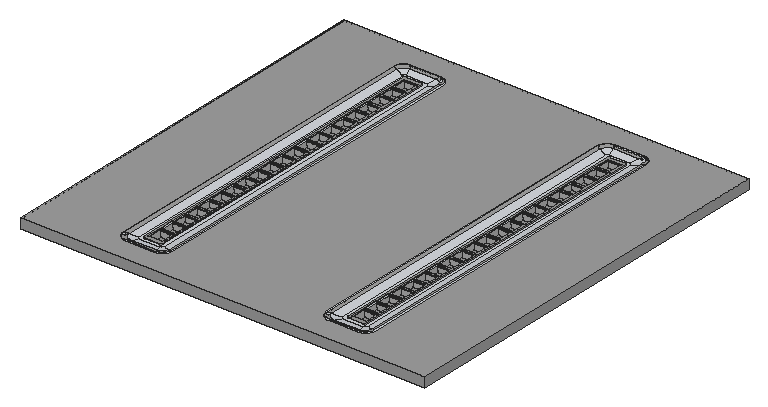
Revit family "0044000 Sylvania Lighting Fixture OptiClip 600 4000K C8 WH CC WHITE", category Lighting Fixtures, host Face, Revit 2016 (continued)
Automatic sketch dimensions
  Blend 25 sketch curve to plane 64 = 4.7 mm
  Extrusion 26 sketch curve to plane 75 = 0 mm
  Extrusion 26 sketch curve to plane 77 = 0 mm
  Extrusion 26 sketch curve to plane 76 = 0 mm
  Extrusion 26 sketch curve to plane 74 = 0 mm
  Extrusion 27 sketch curve to plane 77 = 0 mm
  Extrusion 27 sketch curve to plane 76 = 0 mm
  plane 33 to Extrusion 27 sketch curve = 4.7 mm
  Extrusion 27 sketch curve to plane 32 = 4.7 mm
  Extrusion 28 sketch curve to plane 77 = 0 mm
  Extrusion 28 sketch curve to plane 76 = 0 mm
  plane 35 to Extrusion 28 sketch curve = 4.655 mm
  Extrusion 28 sketch curve to plane 34 = 4.7 mm
  Extrusion 29 sketch curve to plane 77 = 0 mm
  Extrusion 29 sketch curve to plane 76 = 0 mm
  plane 37 to Extrusion 29 sketch curve = 4.745 mm
  Extrusion 29 sketch curve to plane 36 = 4.7 mm
  Extrusion 30 sketch curve to plane 77 = 0 mm
  Extrusion 30 sketch curve to plane 76 = 0 mm
  plane 39 to Extrusion 30 sketch curve = 4.7 mm
  Extrusion 30 sketch curve to plane 38 = 4.7 mm
  Extrusion 31 sketch curve to plane 77 = 0 mm
  Extrusion 31 sketch curve to plane 76 = 0 mm
  plane 41 to Extrusion 31 sketch curve = 4.7 mm
  Extrusion 31 sketch curve to plane 40 = 4.7 mm
  Extrusion 32 sketch curve to plane 77 = 0 mm
  Extrusion 32 sketch curve to plane 76 = 0 mm
  plane 43 to Extrusion 32 sketch curve = 4.7 mm
  Extrusion 32 sketch curve to plane 42 = 4.7 mm
  Extrusion 33 sketch curve to plane 77 = 0 mm
  Extrusion 33 sketch curve to plane 76 = 0 mm
  plane 45 to Extrusion 33 sketch curve = 4.674 mm
  Extrusion 33 sketch curve to plane 44 = 4.7 mm
  Extrusion 34 sketch curve to plane 77 = 0 mm
  Extrusion 34 sketch curve to plane 76 = 0 mm
  plane 47 to Extrusion 34 sketch curve = 4.726 mm
  Extrusion 34 sketch curve to plane 46 = 4.7 mm
  Extrusion 35 sketch curve to plane 77 = 0 mm
  Extrusion 35 sketch curve to plane 76 = 0 mm
  plane 49 to Extrusion 35 sketch curve = 4.7 mm
  Extrusion 35 sketch curve to plane 48 = 4.7 mm
  Extrusion 36 sketch curve to plane 77 = 0 mm
  Extrusion 36 sketch curve to plane 76 = 0 mm
  plane 51 to Extrusion 36 sketch curve = 4.7 mm
  Extrusion 36 sketch curve to plane 50 = 4.7 mm
  Extrusion 37 sketch curve to plane 77 = 0 mm
  Extrusion 37 sketch curve to plane 76 = 0 mm
  plane 53 to Extrusion 37 sketch curve = 4.7 mm
  Extrusion 37 sketch curve to plane 52 = 4.7 mm
  Extrusion 38 sketch curve to plane 77 = 0 mm
  Extrusion 38 sketch curve to plane 76 = 0 mm
  plane 55 to Extrusion 38 sketch curve = 4.7 mm
  Extrusion 38 sketch curve to plane 54 = 4.7 mm
  Extrusion 39 sketch curve to plane 77 = 0 mm
  Extrusion 39 sketch curve to plane 76 = 0 mm
  plane 57 to Extrusion 39 sketch curve = 4.655 mm
  Extrusion 39 sketch curve to plane 56 = 4.7 mm
  Extrusion 40 sketch curve to plane 77 = 0 mm
  Extrusion 40 sketch curve to plane 76 = 0 mm
  plane 59 to Extrusion 40 sketch curve = 4.745 mm
  Extrusion 40 sketch curve to plane 58 = 4.7 mm
  Extrusion 41 sketch curve to plane 77 = 0 mm
  Extrusion 41 sketch curve to plane 76 = 0 mm
  plane 61 to Extrusion 41 sketch curve = 4.7 mm
  Extrusion 41 sketch curve to plane 60 = 4.7 mm
  Extrusion 42 sketch curve to plane 77 = 0 mm
  Extrusion 42 sketch curve to plane 76 = 0 mm
  plane 63 to Extrusion 42 sketch curve = 4.7 mm
  Extrusion 42 sketch curve to plane 62 = 4.7 mm
  Extrusion 43 sketch curve to plane 77 = 0 mm
  Extrusion 43 sketch curve to plane 76 = 0 mm
  plane 65 to Extrusion 43 sketch curve = 4.7 mm
  Extrusion 43 sketch curve to plane 64 = 4.7 mm
  Extrusion 44 sketch curve to plane 77 = 0 mm
  Extrusion 44 sketch curve to plane 76 = 0 mm
  plane 67 to Extrusion 44 sketch curve = 4.7 mm
  Extrusion 44 sketch curve to plane 66 = 4.7 mm
  Extrusion 45 sketch curve to plane 77 = 0 mm
  Extrusion 45 sketch curve to plane 76 = 0 mm
  plane 69 to Extrusion 45 sketch curve = 4.7 mm
  Extrusion 45 sketch curve to plane 68 = 4.7 mm
  Extrusion 46 sketch curve to plane 77 = 0 mm
  Extrusion 46 sketch curve to plane 76 = 0 mm
  plane 71 to Extrusion 46 sketch curve = 4.7 mm
  Extrusion 46 sketch curve to plane 70 = 4.7 mm
  plane 25 to Blend 47 sketch curve = 2.5 mm  (x2)
  plane 3 "Center (Left/Right)" to Blend 47 sketch curve = 114 mm
  Blend 47 sketch curve to plane 24 = 1 mm
  Blend 47 sketch curve to Blend 47 sketch curve = 15 mm  (x2)
  Blend 47 sketch curve to Blend 47 sketch curve = 42 mm  (x2)
  plane 20 to Blend 47 sketch curve = 0 mm
  plane 80 to Blend 47 sketch curve = 2 mm  (x2)
  plane 3 "Center (Left/Right)" to Blend 47 sketch curve = 130.5 mm
  plane 25 to Blend 47 sketch curve = 1 mm
  Blend 47 sketch curve to plane 81 = 2.155 mm
  Blend 47 sketch curve to Blend 47 sketch curve = 4 mm
  Blend 47 sketch curve to Blend 47 sketch curve = 30.692 mm
  Blend 47 sketch curve to Blend 47 sketch curve = 0.297 mm
  Blend 47 sketch curve to plane 81 = 2.222 mm
  Blend 47 sketch curve to Blend 47 sketch curve = 3.933 mm
  plane 24 to Blend 48 sketch curve = 0 mm
  plane 22 to Blend 48 sketch curve = 0 mm
  Blend 48 sketch curve to plane 20 = 1.5 mm  (x2)
  plane 25 to Blend 48 sketch curve = 2.5 mm  (x2)
  Blend 48 sketch curve to plane 10 = 110 mm
  Blend 48 sketch curve to Blend 48 sketch curve = 42 mm
  plane 26 to Blend 48 sketch curve = 0 mm
  plane 25 to Blend 48 sketch curve = 0 mm
  Blend 48 sketch curve to plane 81 = 2.155 mm  (x2)
  Blend 48 sketch curve to plane 81 = 2.066 mm
  plane 80 to Blend 48 sketch curve = 2 mm  (x2)
  Blend 48 sketch curve to plane 10 = 126.5 mm
  Blend 48 sketch curve to Blend 48 sketch curve = 3.014 mm
  Blend 48 sketch curve to Blend 48 sketch curve = 31.034 mm
  Blend 48 sketch curve to Blend 48 sketch curve = 30.692 mm
  plane 30 to Extrusion 49 sketch curve = 0 mm
  plane 29 to Extrusion 49 sketch curve = 0 mm
  plane 3 "Center (Left/Right)" to Extrusion 49 sketch curve = 140 mm
  Extrusion 49 sketch curve to Extrusion 49 sketch curve = 22 mm
  Blend 50 sketch curve to plane 67 = 0 mm
  Blend 50 sketch curve to plane 66 = 0 mm
  Blend 50 sketch curve to plane 73 = 0 mm
  Blend 50 sketch curve to plane 72 = 0 mm
  Blend 50 sketch curve to plane 77 = 0 mm
  Blend 50 sketch curve to plane 76 = 0 mm
  plane 67 to Blend 50 sketch curve = 4.7 mm
  Blend 50 sketch curve to plane 66 = 4.7 mm
  Blend 51 sketch curve to plane 69 = 0 mm
  Blend 51 sketch curve to plane 68 = 0 mm
  Blend 51 sketch curve to plane 73 = 0 mm
  Blend 51 sketch curve to plane 72 = 0 mm
  Blend 51 sketch curve to plane 77 = 0 mm
  Blend 51 sketch curve to plane 76 = 0 mm
  plane 69 to Blend 51 sketch curve = 4.7 mm
  Blend 51 sketch curve to plane 68 = 4.7 mm
  Blend 52 sketch curve to plane 71 = 0 mm
  Blend 52 sketch curve to plane 70 = 0 mm
  Blend 52 sketch curve to plane 73 = 0 mm
  Blend 52 sketch curve to plane 72 = 0 mm
  Blend 52 sketch curve to plane 77 = 0 mm
  Blend 52 sketch curve to plane 76 = 0 mm
  plane 71 to Blend 52 sketch curve = 4.7 mm
  Blend 52 sketch curve to plane 70 = 4.7 mm
  plane 82 to Extrusion 53 sketch curve = 0 mm  (x2)
  Extrusion 53 sketch curve to plane 80 = 0 mm
  plane 81 to Extrusion 53 sketch curve = 0 mm
  plane 3 "Center (Left/Right)" to Extrusion 53 sketch curve = 137.5 mm
  Extrusion 53 sketch curve to plane 30 = 1.726 mm
  Extrusion 53 sketch curve to Extrusion 53 sketch curve = 2.284 mm
  Extrusion 53 sketch curve to Extrusion 53 sketch curve = 22 mm
  Extrusion 53 sketch curve to plane 30 = 1.536 mm
  Extrusion 53 sketch curve to Extrusion 53 sketch curve = 2.456 mm
  plane 31 to Blend 54 sketch curve = 0 mm
  Blend 54 sketch curve to plane 29 = 1.75 mm
  Blend 54 sketch curve to plane 10 = 133.539 mm
  Blend 54 sketch curve to Blend 54 sketch curve = 20.961 mm
  plane 75 to Blend 54 sketch curve = 0 mm
  plane 74 to Blend 54 sketch curve = 0 mm
  Blend 54 sketch curve to plane 10 = 138.039 mm
  Blend 54 sketch curve to Blend 54 sketch curve = 11.961 mm
  plane 33 to Blend 55 sketch curve = 0 mm
  plane 32 to Blend 55 sketch curve = 0 mm
  Blend 55 sketch curve to plane 10 = 133.539 mm
  Blend 55 sketch curve to Blend 55 sketch curve = 20.961 mm
  plane 33 to Blend 55 sketch curve = 4.7 mm
  Blend 55 sketch curve to plane 32 = 4.7 mm
  Blend 55 sketch curve to plane 10 = 138.039 mm
  Blend 55 sketch curve to Blend 55 sketch curve = 11.961 mm
  plane 34 to Blend 56 sketch curve = 0 mm
  Blend 56 sketch curve to plane 35 = 0.045 mm
  Blend 56 sketch curve to plane 10 = 133.539 mm
  Blend 56 sketch curve to Blend 56 sketch curve = 20.961 mm
  plane 35 to Blend 56 sketch curve = 4.655 mm
  Blend 56 sketch curve to plane 34 = 4.7 mm
  Blend 56 sketch curve to plane 10 = 138.039 mm
  Blend 56 sketch curve to Blend 56 sketch curve = 11.961 mm
  plane 36 to Blend 57 sketch curve = 0 mm
  plane 37 to Blend 57 sketch curve = 0.045 mm
  Blend 57 sketch curve to plane 10 = 133.539 mm
  Blend 57 sketch curve to Blend 57 sketch curve = 20.961 mm
  plane 37 to Blend 57 sketch curve = 4.745 mm
  Blend 57 sketch curve to plane 36 = 4.7 mm
  Blend 57 sketch curve to plane 10 = 138.039 mm
  Blend 57 sketch curve to Blend 57 sketch curve = 11.961 mm
  plane 39 to Blend 58 sketch curve = 0 mm
  plane 38 to Blend 58 sketch curve = 0 mm
  Blend 58 sketch curve to plane 10 = 133.539 mm
  Blend 58 sketch curve to Blend 58 sketch curve = 20.961 mm
  plane 39 to Blend 58 sketch curve = 4.7 mm
  Blend 58 sketch curve to plane 38 = 4.7 mm
  Blend 58 sketch curve to plane 10 = 138.039 mm
  Blend 58 sketch curve to Blend 58 sketch curve = 11.961 mm
  plane 41 to Blend 59 sketch curve = 0 mm
  plane 40 to Blend 59 sketch curve = 0 mm
  Blend 59 sketch curve to plane 10 = 133.539 mm
  Blend 59 sketch curve to Blend 59 sketch curve = 20.961 mm
  plane 41 to Blend 59 sketch curve = 4.7 mm
  Blend 59 sketch curve to plane 40 = 4.7 mm
  Blend 59 sketch curve to plane 10 = 138.039 mm
  Blend 59 sketch curve to Blend 59 sketch curve = 11.961 mm
  plane 43 to Blend 60 sketch curve = 0 mm
  plane 42 to Blend 60 sketch curve = 0 mm
  Blend 60 sketch curve to plane 10 = 133.539 mm
  Blend 60 sketch curve to Blend 60 sketch curve = 20.961 mm
  plane 43 to Blend 60 sketch curve = 4.7 mm
  Blend 60 sketch curve to plane 42 = 4.7 mm
  Blend 60 sketch curve to plane 10 = 138.039 mm
  Blend 60 sketch curve to Blend 60 sketch curve = 11.961 mm
  plane 44 to Blend 61 sketch curve = 0 mm
  Blend 61 sketch curve to plane 45 = 0.026 mm
  Blend 61 sketch curve to plane 10 = 133.539 mm
  Blend 61 sketch curve to Blend 61 sketch curve = 20.961 mm
  plane 45 to Blend 61 sketch curve = 4.674 mm
  Blend 61 sketch curve to plane 44 = 4.7 mm
  Blend 61 sketch curve to plane 10 = 138.039 mm
  Blend 61 sketch curve to Blend 61 sketch curve = 11.961 mm
  plane 46 to Blend 62 sketch curve = 0 mm
  plane 47 to Blend 62 sketch curve = 0.026 mm
  Blend 62 sketch curve to plane 10 = 133.539 mm
  Blend 62 sketch curve to Blend 62 sketch curve = 20.961 mm
  plane 47 to Blend 62 sketch curve = 4.726 mm
  Blend 62 sketch curve to plane 46 = 4.7 mm
  Blend 62 sketch curve to plane 10 = 138.039 mm
  Blend 62 sketch curve to Blend 62 sketch curve = 11.961 mm
  plane 49 to Blend 63 sketch curve = 0 mm
  plane 48 to Blend 63 sketch curve = 0 mm
  Blend 63 sketch curve to plane 10 = 133.539 mm
  Blend 63 sketch curve to Blend 63 sketch curve = 20.961 mm
  plane 49 to Blend 63 sketch curve = 4.7 mm
  Blend 63 sketch curve to plane 48 = 4.7 mm
  Blend 63 sketch curve to plane 10 = 138.039 mm
  Blend 63 sketch curve to Blend 63 sketch curve = 11.961 mm
  plane 51 to Blend 64 sketch curve = 0 mm
  plane 50 to Blend 64 sketch curve = 0 mm
  Blend 64 sketch curve to plane 10 = 133.539 mm
  Blend 64 sketch curve to Blend 64 sketch curve = 20.961 mm
  plane 51 to Blend 64 sketch curve = 4.7 mm
  Blend 64 sketch curve to plane 50 = 4.7 mm
  Blend 64 sketch curve to plane 10 = 138.039 mm
  Blend 64 sketch curve to Blend 64 sketch curve = 11.961 mm
  plane 53 to Blend 65 sketch curve = 0 mm
  plane 52 to Blend 65 sketch curve = 0 mm
  Blend 65 sketch curve to plane 10 = 133.539 mm
  Blend 65 sketch curve to Blend 65 sketch curve = 20.961 mm
  plane 53 to Blend 65 sketch curve = 4.7 mm
  Blend 65 sketch curve to plane 52 = 4.7 mm
  Blend 65 sketch curve to plane 10 = 138.039 mm
  Blend 65 sketch curve to Blend 65 sketch curve = 11.961 mm
  plane 55 to Blend 66 sketch curve = 0 mm
  plane 54 to Blend 66 sketch curve = 0 mm
  Blend 66 sketch curve to plane 10 = 133.539 mm
  Blend 66 sketch curve to Blend 66 sketch curve = 20.961 mm
  plane 55 to Blend 66 sketch curve = 4.7 mm
  Blend 66 sketch curve to plane 54 = 4.7 mm
  Blend 66 sketch curve to plane 10 = 138.039 mm
  Blend 66 sketch curve to Blend 66 sketch curve = 11.961 mm
  plane 56 to Blend 67 sketch curve = 0 mm
  Blend 67 sketch curve to plane 57 = 0.045 mm
  Blend 67 sketch curve to plane 10 = 133.539 mm
  Blend 67 sketch curve to Blend 67 sketch curve = 20.961 mm
  plane 57 to Blend 67 sketch curve = 4.655 mm
  Blend 67 sketch curve to plane 56 = 4.7 mm
  Blend 67 sketch curve to plane 10 = 138.039 mm
  Blend 67 sketch curve to Blend 67 sketch curve = 11.961 mm
  plane 58 to Blend 68 sketch curve = 0 mm
  plane 59 to Blend 68 sketch curve = 0.045 mm
  Blend 68 sketch curve to plane 10 = 133.539 mm
  Blend 68 sketch curve to Blend 68 sketch curve = 20.961 mm
  plane 59 to Blend 68 sketch curve = 4.745 mm
  Blend 68 sketch curve to plane 58 = 4.7 mm
  Blend 68 sketch curve to plane 10 = 138.039 mm
  Blend 68 sketch curve to Blend 68 sketch curve = 11.961 mm
  plane 61 to Blend 69 sketch curve = 0 mm
  plane 60 to Blend 69 sketch curve = 0 mm
  Blend 69 sketch curve to plane 10 = 133.539 mm
  Blend 69 sketch curve to Blend 69 sketch curve = 20.961 mm
  plane 61 to Blend 69 sketch curve = 4.7 mm
  Blend 69 sketch curve to plane 60 = 4.7 mm
  Blend 69 sketch curve to plane 10 = 138.039 mm
  Blend 69 sketch curve to Blend 69 sketch curve = 11.961 mm
  plane 63 to Blend 70 sketch curve = 0 mm
  plane 62 to Blend 70 sketch curve = 0 mm
  Blend 70 sketch curve to plane 10 = 133.539 mm
  Blend 70 sketch curve to Blend 70 sketch curve = 20.961 mm
  plane 63 to Blend 70 sketch curve = 4.7 mm
  Blend 70 sketch curve to plane 62 = 4.7 mm
  Blend 70 sketch curve to plane 10 = 138.039 mm
  Blend 70 sketch curve to Blend 70 sketch curve = 11.961 mm
  plane 65 to Blend 71 sketch curve = 0 mm
  plane 64 to Blend 71 sketch curve = 0 mm
  Blend 71 sketch curve to plane 10 = 133.539 mm
  Blend 71 sketch curve to Blend 71 sketch curve = 20.961 mm
  plane 65 to Blend 71 sketch curve = 4.7 mm
  Blend 71 sketch curve to plane 64 = 4.7 mm
  Blend 71 sketch curve to plane 10 = 138.039 mm
  Blend 71 sketch curve to Blend 71 sketch curve = 11.961 mm
  plane 67 to Blend 72 sketch curve = 0 mm
  plane 66 to Blend 72 sketch curve = 0 mm
  Blend 72 sketch curve to plane 10 = 133.539 mm
  Blend 72 sketch curve to Blend 72 sketch curve = 20.961 mm
  plane 67 to Blend 72 sketch curve = 4.7 mm
  Blend 72 sketch curve to plane 66 = 4.7 mm
  Blend 72 sketch curve to plane 10 = 138.039 mm
  Blend 72 sketch curve to Blend 72 sketch curve = 11.961 mm
  plane 69 to Blend 73 sketch curve = 0 mm
  plane 68 to Blend 73 sketch curve = 0 mm
  Blend 73 sketch curve to plane 10 = 133.539 mm
  Blend 73 sketch curve to Blend 73 sketch curve = 20.961 mm
  plane 69 to Blend 73 sketch curve = 4.7 mm
  Blend 73 sketch curve to plane 68 = 4.7 mm
  Blend 73 sketch curve to plane 10 = 138.039 mm
  Blend 73 sketch curve to Blend 73 sketch curve = 11.961 mm
  plane 71 to Blend 74 sketch curve = 0 mm
  plane 70 to Blend 74 sketch curve = 0 mm
  Blend 74 sketch curve to plane 10 = 133.539 mm
  Blend 74 sketch curve to Blend 74 sketch curve = 20.961 mm
  plane 71 to Blend 74 sketch curve = 4.7 mm
  Blend 74 sketch curve to plane 70 = 4.7 mm
  Blend 74 sketch curve to plane 10 = 138.039 mm
  Blend 74 sketch curve to Blend 74 sketch curve = 11.961 mm
  plane 75 to Extrusion 75 sketch curve = 0 mm
  plane 74 to Extrusion 75 sketch curve = 0 mm
  plane 3 "Center (Left/Right)" to Extrusion 75 sketch curve = 145 mm
  Extrusion 75 sketch curve to Extrusion 75 sketch curve = 11.961 mm
  plane 33 to Extrusion 76 sketch curve = 4.7 mm
  plane 3 "Center (Left/Right)" to Extrusion 76 sketch curve = 145 mm
  Extrusion 76 sketch curve to Extrusion 76 sketch curve = 11.961 mm
  Extrusion 76 sketch curve to plane 32 = 4.7 mm
  plane 35 to Extrusion 77 sketch curve = 4.655 mm
  plane 3 "Center (Left/Right)" to Extrusion 77 sketch curve = 145 mm
  Extrusion 77 sketch curve to Extrusion 77 sketch curve = 11.961 mm
  Extrusion 77 sketch curve to plane 34 = 4.7 mm
  plane 37 to Extrusion 78 sketch curve = 4.745 mm
  plane 3 "Center (Left/Right)" to Extrusion 78 sketch curve = 145 mm
  Extrusion 78 sketch curve to Extrusion 78 sketch curve = 11.961 mm
  Extrusion 78 sketch curve to plane 36 = 4.7 mm
  plane 39 to Extrusion 79 sketch curve = 4.7 mm
  plane 3 "Center (Left/Right)" to Extrusion 79 sketch curve = 145 mm
  Extrusion 79 sketch curve to Extrusion 79 sketch curve = 11.961 mm
  Extrusion 79 sketch curve to plane 38 = 4.7 mm
  plane 41 to Extrusion 80 sketch curve = 4.7 mm
  plane 3 "Center (Left/Right)" to Extrusion 80 sketch curve = 145 mm
  Extrusion 80 sketch curve to Extrusion 80 sketch curve = 11.961 mm
  Extrusion 80 sketch curve to plane 40 = 4.7 mm
  plane 43 to Extrusion 81 sketch curve = 4.7 mm
  plane 3 "Center (Left/Right)" to Extrusion 81 sketch curve = 145 mm
  Extrusion 81 sketch curve to Extrusion 81 sketch curve = 11.961 mm
  Extrusion 81 sketch curve to plane 42 = 4.7 mm
  plane 45 to Extrusion 82 sketch curve = 4.674 mm
  plane 3 "Center (Left/Right)" to Extrusion 82 sketch curve = 145 mm
  Extrusion 82 sketch curve to Extrusion 82 sketch curve = 11.961 mm
  Extrusion 82 sketch curve to plane 44 = 4.7 mm
  plane 47 to Extrusion 83 sketch curve = 4.726 mm
  plane 3 "Center (Left/Right)" to Extrusion 83 sketch curve = 145 mm
  Extrusion 83 sketch curve to Extrusion 83 sketch curve = 11.961 mm
  Extrusion 83 sketch curve to plane 46 = 4.7 mm
  plane 49 to Extrusion 84 sketch curve = 4.7 mm
  plane 3 "Center (Left/Right)" to Extrusion 84 sketch curve = 145 mm
  Extrusion 84 sketch curve to Extrusion 84 sketch curve = 11.961 mm
  Extrusion 84 sketch curve to plane 48 = 4.7 mm
  plane 51 to Extrusion 85 sketch curve = 4.7 mm
  plane 3 "Center (Left/Right)" to Extrusion 85 sketch curve = 145 mm
  Extrusion 85 sketch curve to Extrusion 85 sketch curve = 11.961 mm
  Extrusion 85 sketch curve to plane 50 = 4.7 mm
  plane 53 to Extrusion 86 sketch curve = 4.7 mm
  plane 3 "Center (Left/Right)" to Extrusion 86 sketch curve = 145 mm
  Extrusion 86 sketch curve to Extrusion 86 sketch curve = 11.961 mm
  Extrusion 86 sketch curve to plane 52 = 4.7 mm
  plane 55 to Extrusion 87 sketch curve = 4.7 mm
  plane 3 "Center (Left/Right)" to Extrusion 87 sketch curve = 145 mm
  Extrusion 87 sketch curve to Extrusion 87 sketch curve = 11.961 mm
  Extrusion 87 sketch curve to plane 54 = 4.7 mm
  plane 57 to Extrusion 88 sketch curve = 4.655 mm
  plane 3 "Center (Left/Right)" to Extrusion 88 sketch curve = 145 mm
  Extrusion 88 sketch curve to Extrusion 88 sketch curve = 11.961 mm
  Extrusion 88 sketch curve to plane 56 = 4.7 mm
  plane 59 to Extrusion 89 sketch curve = 4.745 mm
  plane 3 "Center (Left/Right)" to Extrusion 89 sketch curve = 145 mm
  Extrusion 89 sketch curve to Extrusion 89 sketch curve = 11.961 mm
  Extrusion 89 sketch curve to plane 58 = 4.7 mm
  plane 61 to Extrusion 90 sketch curve = 4.7 mm
  plane 3 "Center (Left/Right)" to Extrusion 90 sketch curve = 145 mm
  Extrusion 90 sketch curve to Extrusion 90 sketch curve = 11.961 mm
  Extrusion 90 sketch curve to plane 60 = 4.7 mm
  plane 63 to Extrusion 91 sketch curve = 4.7 mm
  plane 3 "Center (Left/Right)" to Extrusion 91 sketch curve = 145 mm
  Extrusion 91 sketch curve to Extrusion 91 sketch curve = 11.961 mm
  Extrusion 91 sketch curve to plane 62 = 4.7 mm
  plane 65 to Extrusion 92 sketch curve = 4.7 mm
  plane 3 "Center (Left/Right)" to Extrusion 92 sketch curve = 145 mm
  Extrusion 92 sketch curve to Extrusion 92 sketch curve = 11.961 mm
  Extrusion 92 sketch curve to plane 64 = 4.7 mm
  plane 67 to Extrusion 93 sketch curve = 4.7 mm
  plane 3 "Center (Left/Right)" to Extrusion 93 sketch curve = 145 mm
  Extrusion 93 sketch curve to Extrusion 93 sketch curve = 11.961 mm
  Extrusion 93 sketch curve to plane 66 = 4.7 mm
  plane 69 to Extrusion 94 sketch curve = 4.7 mm
  plane 3 "Center (Left/Right)" to Extrusion 94 sketch curve = 145 mm
  Extrusion 94 sketch curve to Extrusion 94 sketch curve = 11.961 mm
  Extrusion 94 sketch curve to plane 68 = 4.7 mm
  plane 71 to Extrusion 95 sketch curve = 4.7 mm
  plane 3 "Center (Left/Right)" to Extrusion 95 sketch curve = 145 mm
  Extrusion 95 sketch curve to Extrusion 95 sketch curve = 11.961 mm
  Extrusion 95 sketch curve to plane 70 = 4.7 mm
  Extrusion 96 sketch curve to plane 7 = 0 mm
  plane 8 to Extrusion 96 sketch curve = 0 mm
  plane 6 to Extrusion 96 sketch curve = 0 mm
  plane 5 to Extrusion 96 sketch curve = 0 mm
Connectors
  electrical at (0, 0, -1.008)
    settings: on cut or joined group of Extrusion 2, Extrusion 3, Blend 5, Blend 48, index 1, voltage 0 V, apparent load 0 VA, apparent load phase1 0 VA, apparent load phase2 0 VA, apparent load phase3 0 VA, power factor 1, load classification "Other", number of poles 1, system type 31, power factor state 1, is connector primary yes, connector utility no, sub classification motor no, connector description ""
